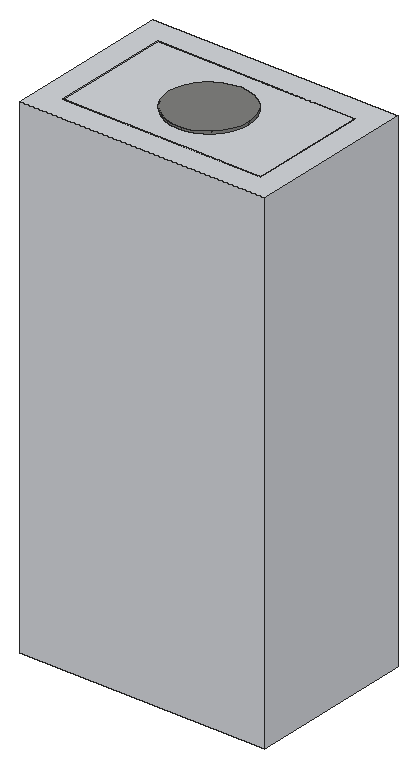
Revit family "直通型电力井中2014", category 电气设备, Revit 2014
Parameters (values of type "直通型弱电井")
  built-in parameter 1140138 [instance] = (empty or 0)
  built-in parameter 1140080 [instance] = (empty or 0)
  Panel Name [instance] = (empty or 0)
  Assembly Code = ""
  说明 = "找构件就上构件坞"
  built-in parameter 1140086 [instance] = (empty or 0)
  built-in parameter 1140085 [instance] = (empty or 0)
  Type Comments = ""
  Voltage = ""
  Wattage = ""
  Keynote = ""
  built-in parameter 1140143 = (empty or 0)
  板厚 = 240 mm
  底面高度 [instance] = 0 mm
  Mains Type = ""
  built-in parameter 1140081 [instance] = (empty or 0)
  built-in parameter 1140083 [instance] = (empty or 0)
  Model = ""
  Manufacturer = ""
  built-in parameter 1140084 [instance] = (empty or 0)
  井盖高度 = 板厚 + H  # 260 mm
  井盖材质 = 井
  井深 [instance] = 5000 mm
  URL = "www.goujianwu.com"
  H2 [instance] = 井深 - 底面高度  # 5000 mm
  H = 20 mm
Types (4): name
  直通型电力井
  直通型电力井中
  直通型弱电井
  直通型弱电井中
Reference planes
  plane 1 "中心(前/后)": y = 0
  plane 2: z = 0
  plane 3 "中心(左/右)": x = 0
  plane 4: z = -5000
  plane 5: z = -240
  plane 6: z = -4760
  plane 7: z = 20
Forms (mm)
  Extrusion 1, solid
    sketch origin (0, 0, 0) x (1, 0, 0) y (0, 1, 0)
      loop
        line (-1238.202, 837.104) -> (-1238.202, -843.565) -> (1241.798, -843.565) -> (1241.798, 837.104) -> (-1238.202, 837.104)
      loop
        line (1001.798, 600) -> (-998.202, 600) -> (-998.202, -600.724) -> (1001.798, -600.724) -> (1001.798, 600)
    from -5000 to 0
  Extrusion 2, solid
    sketch origin (0, -0.331, 0) x (1, 0, 0) y (0, 1, 0)
      loop
        line (-998.202, 600.331) -> (-998.202, -600.43) -> (1001.798, -600.43) -> (1001.798, 600.331) -> (-998.202, 600.331)
      loop
        circle (0, 0) r 401.798
    from -240 to 0
  Extrusion 3, solid
    sketch origin (0, -2.35, -4600) x (1, 0, 0) y (0, 1, 0)
      loop
        line (-1198.202, 602.35) -> (-1198.202, -800) -> (1201.798, -800) -> (1201.798, 602.35) -> (-1198.202, 602.35)
    from -400 to -160
  Extrusion 4, solid, material "井" <- "井盖材质"
    sketch origin (0.157, 0, -1100) x (1, 0, 0) y (0, 1, 0)
      loop
        circle (0, 0) r 401.798
    from 860 to 1120
Dimensions and locks
  "H2": plane 2 to plane 4
  "板厚": plane 2 to plane 5
  "板厚": plane 6 to plane 4
  "井盖高度": plane 7 to plane 5
  aligned and locked: level to plane 2
  aligned and locked: plane 2 to Extrusion 1
  aligned and locked: Extrusion 1 to plane 4
  aligned and locked: plane 2 to Extrusion 2
  aligned and locked: Extrusion 2 to plane 5
  aligned and locked: Extrusion 3 to plane 4
  aligned and locked: plane 6 to Extrusion 3
  aligned and locked: Extrusion 2 to Extrusion 4
  aligned and locked: plane 7 to Extrusion 4
Automatic sketch dimensions
  Extrusion 1 sketch curve to plane 3 "中心(左/右)" = 1238.202 mm
  Extrusion 1 sketch curve to Extrusion 1 sketch curve = 240 mm  (x2)
  plane 3 "中心(左/右)" to Extrusion 1 sketch curve = 1001.798 mm
  plane 1 "中心(前/后)" to Extrusion 1 sketch curve = 843.565 mm
  Extrusion 1 sketch curve to Extrusion 1 sketch curve = 242.841 mm
  Extrusion 1 sketch curve to plane 1 "中心(前/后)" = 600 mm
  Extrusion 1 sketch curve to Extrusion 1 sketch curve = 237.104 mm
  plane 1 "中心(前/后)" to Extrusion 2 sketch curve = 0.331 mm
  Extrusion 2 sketch curve to plane 3 "中心(左/右)" = 0 mm
  Extrusion 2 sketch curve to plane 3 "中心(左/右)" = 998.202 mm
  plane 3 "中心(左/右)" to Extrusion 2 sketch curve = 1001.798 mm
  plane 1 "中心(前/后)" to Extrusion 2 sketch curve = 600.761 mm
  Extrusion 2 sketch curve to plane 1 "中心(前/后)" = 600 mm
  Extrusion 3 sketch curve to plane 3 "中心(左/右)" = 1198.202 mm
  plane 3 "中心(左/右)" to Extrusion 3 sketch curve = 1201.798 mm
  plane 1 "中心(前/后)" to Extrusion 3 sketch curve = 802.35 mm
  Extrusion 3 sketch curve to plane 1 "中心(前/后)" = 600 mm
  plane 1 "中心(前/后)" to Extrusion 4 sketch curve = 0 mm
  plane 3 "中心(左/右)" to Extrusion 4 sketch curve = 0.157 mm
  radius of Extrusion 2 sketch curve = 401.798 mm
  radius of Extrusion 4 sketch curve = 401.798 mm
